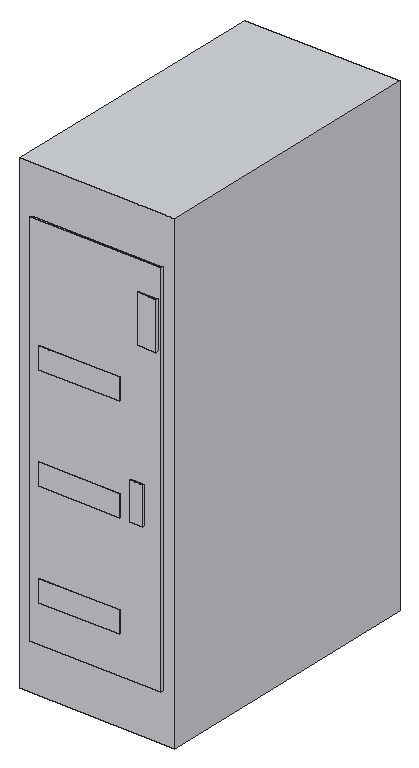
Revit family "GIS_MV_Cubicle", category Equipamento elétrico, Revit 2027
Family settings
  Configuração do painel = Duas colunas, circuitos transversais
  Cota do conector redondo = Utilizar diâmetro
  Tipo de parte = Painel de controle
  Com base no plano de trabalho = Não
  Sempre na vertical = Sim
  Corte com vazios quando carregada = Não
  Manter orientação da anotação = Não
  Compartilhado = Não
  Ponto de cálculo do ambiente = Não
Parameters (values of type "MV_17K5_2KA_STUDY")
  Default Elevation = 0 mm
  built-in parameter 1140142 [instance] = (empty or 0)
  built-in parameter 1140140 [instance] = 1 (stored number, unit not read)
  BIM_TensaoSecundaria_kV = 0
  BIM_TensaoNominal_kV = 13.8
  BIM_TensaoClasse_kV = 17.5
  BIM_TensaoClasseSecundaria_kV = 0
  BIM_Sistema_Elemento [instance] = ""
  BIM_ReferenciaCatalogo = "GE Vernova M-Tier public rating range; dimensions estimated"
  BIM_Profundidade = 1450 mm
  BIM_Potencia_MVA = 0
  BIM_Localizacao [instance] = ""
  BIM_Largura = 800 mm
  BIM_Impedancia_pu = 0
  BIM_FonteGeometria = "GE Vernova M-Tier public rating range; dimensions estimated"
  BIM_Fabricante = "NAO SELECIONADO"
  BIM_EstadoGeometria = "ESTIMATED"
  BIM_EstadoEspecificacao = "PREMISSA / NAO SELECIONADO"
  BIM_DescricaoEstudo = "Cubiculo 13.8 kV classe de equipamento 17.5 kV; 2,000 A e candidato, interrupcao e classe interna pendentes."
  BIM_CorrenteReferenciaSecundaria_A = 0
  BIM_CorrenteNominal_A = 2000
  BIM_Bay [instance] = ""
  BIM_AlturaCorpoPrincipal = 2450 mm
  BIM_Altura = 2450 mm
  built-in parameter 1155100 [instance] = (empty or 0)
Reference planes
  plane 1 "Centro (Frente/Trás)": y = 0
  plane 2: z = 0
  plane 3 "Centro (Esquerda/Direita)": x = 0
  plane 4 "BIM Left": x = -400
  plane 5 "BIM Right": x = 400
  plane 6 "BIM Front": y = -725
  plane 7 "BIM Back": y = 725
Forms (mm)
  Extrusion 1, solid
    sketch origin (0, 0, 0) x (1, 0, 0) y (0, 1, 0)
      loop
        line (-400, -725) -> (400, -725) -> (400, 725) -> (-400, 725) -> (-400, -725)
    from 0 to 2450 <- "BIM_AlturaCorpoPrincipal"
  Extrusion 2, solid
    sketch origin (0, 0, 245) x (1, 0, 0) y (0, 1, 0)
      loop
        line (-336, -738.716) -> (336, -738.716) -> (336, -725) -> (-336, -725) -> (-336, -738.716)
    from 0 to 1960
  Extrusion 3, solid
    sketch origin (0, 0, 441) x (1, 0, 0) y (0, 1, 0)
      loop
        line (-288, -743.288) -> (128, -743.288) -> (128, -725) -> (-288, -725) -> (-288, -743.288)
    from 0 to 110.25
  Extrusion 4, solid
    sketch origin (0, 0, 980) x (1, 0, 0) y (0, 1, 0)
      loop
        line (-288, -743.288) -> (128, -743.288) -> (128, -725) -> (-288, -725) -> (-288, -743.288)
    from 0 to 110.25
  Extrusion 5, solid
    sketch origin (0, 0, 1519) x (1, 0, 0) y (0, 1, 0)
      loop
        line (-288, -743.288) -> (128, -743.288) -> (128, -725) -> (-288, -725) -> (-288, -743.288)
    from 0 to 110.25
  Extrusion 6, solid
    sketch origin (0, 0, 980) x (1, 0, 0) y (0, 1, 0)
      loop
        line (184, -744.812) -> (248, -744.812) -> (248, -725) -> (184, -725) -> (184, -744.812)
    from 0 to 196
  Extrusion 7, solid
    sketch origin (0, 0, 1813) x (1, 0, 0) y (0, 1, 0)
      loop
        line (224, -746.336) -> (320, -746.336) -> (320, -725) -> (224, -725) -> (224, -746.336)
    from 0 to 245
Dimensions and locks
  "BIM_Largura": plane 4 "BIM Left" to plane 5 "BIM Right"
  "BIM_Profundidade": plane 6 "BIM Front" to plane 7 "BIM Back"
  aligned and locked: level to plane 2
  aligned and locked: plane 4 "BIM Left" to Extrusion 1
  aligned and locked: Extrusion 1 to plane 5 "BIM Right"
  aligned and locked: Extrusion 1 to plane 6 "BIM Front"
  aligned and locked: plane 7 "BIM Back" to Extrusion 1
Automatic sketch dimensions
  Extrusion 1 sketch curve to plane 4 "BIM Left" = 0 mm
  Extrusion 1 sketch curve to plane 5 "BIM Right" = 0 mm
  Extrusion 1 sketch curve to plane 6 "BIM Front" = 0 mm
  Extrusion 1 sketch curve to plane 7 "BIM Back" = 0 mm
  Extrusion 2 sketch curve to plane 6 "BIM Front" = 0 mm
  Extrusion 2 sketch curve to plane 6 "BIM Front" = 13.716 mm
  Extrusion 2 sketch curve to plane 4 "BIM Left" = 64 mm
  plane 5 "BIM Right" to Extrusion 2 sketch curve = 64 mm
  Extrusion 3 sketch curve to plane 6 "BIM Front" = 0 mm
  Extrusion 3 sketch curve to plane 6 "BIM Front" = 18.288 mm
  Extrusion 3 sketch curve to plane 4 "BIM Left" = 112 mm
  plane 3 "Centro (Esquerda/Direita)" to Extrusion 3 sketch curve = 128 mm
  Extrusion 4 sketch curve to plane 6 "BIM Front" = 0 mm
  Extrusion 4 sketch curve to plane 6 "BIM Front" = 18.288 mm
  Extrusion 4 sketch curve to plane 4 "BIM Left" = 112 mm
  plane 3 "Centro (Esquerda/Direita)" to Extrusion 4 sketch curve = 128 mm
  Extrusion 5 sketch curve to plane 6 "BIM Front" = 0 mm
  Extrusion 5 sketch curve to plane 6 "BIM Front" = 18.288 mm
  Extrusion 5 sketch curve to plane 4 "BIM Left" = 112 mm
  plane 3 "Centro (Esquerda/Direita)" to Extrusion 5 sketch curve = 128 mm
  Extrusion 6 sketch curve to plane 6 "BIM Front" = 0 mm
  Extrusion 6 sketch curve to plane 6 "BIM Front" = 19.812 mm
  plane 3 "Centro (Esquerda/Direita)" to Extrusion 6 sketch curve = 184 mm
  Extrusion 6 sketch curve to Extrusion 6 sketch curve = 64 mm
  Extrusion 7 sketch curve to plane 6 "BIM Front" = 0 mm
  Extrusion 7 sketch curve to plane 6 "BIM Front" = 21.336 mm
  plane 5 "BIM Right" to Extrusion 7 sketch curve = 176 mm
  plane 5 "BIM Right" to Extrusion 7 sketch curve = 80 mm
Connectors
  electrical at (-400, 0, 1225)
    settings: on Extrusion 1, index 1, voltage 13800 V, apparent load 0 VA, apparent load phase1 0 VA, apparent load phase2 0 VA, apparent load phase3 0 VA, power factor 1, load classification "Outro", number of poles 3, system type 6, power factor state 1, is connector primary yes, connector utility no, sub classification motor no, connector description "Interface A; study port; circuit assignment is project-specific."
  electrical at (400, 0, 1225)
    settings: on Extrusion 1, index 2, voltage 13800 V, apparent load 0 VA, apparent load phase1 0 VA, apparent load phase2 0 VA, apparent load phase3 0 VA, power factor 1, load classification "Outro", number of poles 3, system type 6, power factor state 1, is connector primary no, connector utility no, sub classification motor no, connector description "Interface B; study port; circuit assignment is project-specific."
